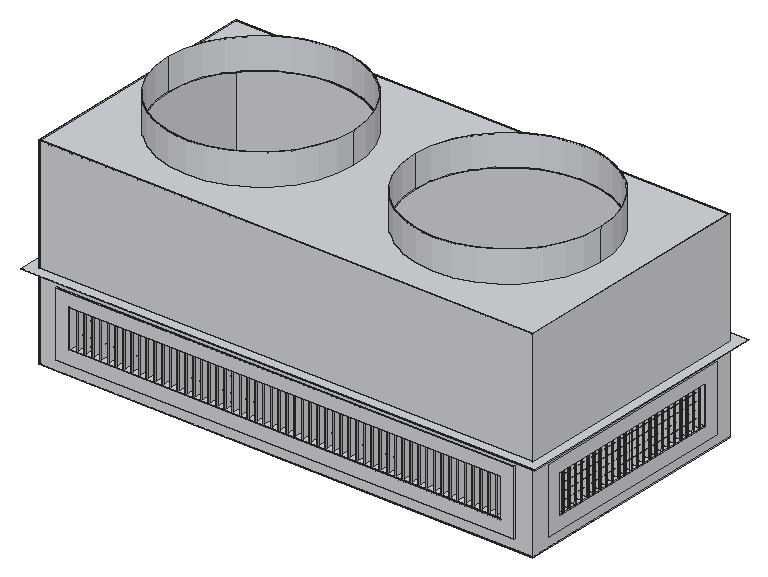
Revit family "model CO-20 diffuser", category Mechanical Equipment, Revit 2015
Parameters
  height [instance] = 1' - 7 3/8"
  Width = 1' - 11 3/4"
  Length = 3' - 11 3/4"
Reference planes (in)
  plane 1 "Center (Front/Back)": y = 0
  plane 2: z = 0
  plane 3 "Center (Left/Right)": x = 0
  plane 4: y = 11.875
  plane 5: y = -11.875
  plane 6: x = -23.875
  plane 7: x = 23.875
  plane 8: z = -9.6875
  plane 9: z = 9.6875
  plane 10: x = -23.8272
  plane 11: y = -11.8272
  plane 12: x = 23.8272
  plane 13: y = 11.8272
  plane 14: z = 9.6397
  plane 15: z = -1.3125
  plane 16: x = -24.875
  plane 17: y = -12.875
  plane 18: x = 24.875
  plane 19: y = 12.875
  plane 20: z = -1.3603
  plane 21: z = -9.6397
  plane 22: x = -11.9375
  plane 23: x = 11.9375
  plane 24: z = 12.6875
  plane 25: y = 9
  plane 26: y = -9
  plane 27: z = -3.50092
  plane 28: z = -7.50092
  plane 29: x = -21
  plane 30: x = 21
  plane 31: x = -16.5
  plane 32: x = 16.5
  plane 33: y = 4.5
  plane 34: y = -4.5
Forms (in)
  Extrusion 1, solid
    sketch origin (0, 0, 0) x (1, 0, 0) y (0, 1, 0)
      loop
        line (-23.875, 11.875) -> (-23.875, -11.875) -> (23.875, -11.875) -> (23.875, 11.875) -> (-23.875, 11.875)
    from 9.6875 to 9.6397
  Extrusion 2, solid
    sketch origin (0, 0, 0) x (1, 0, 0) y (0, 1, 0)
      loop
        line (-23.875, 11.875) -> (-23.875, -11.875) -> (23.875, -11.875) -> (23.875, 11.875) -> (-23.875, 11.875)
      loop
        line (-23.8272, 11.8272) -> (-23.8272, -11.8272) -> (23.8272, -11.8272) -> (23.8272, 11.8272) -> (-23.8272, 11.8272)
    from 9.6875 to -9.6875
  Extrusion 3, solid
    sketch origin (0, 0, 0) x (1, 0, 0) y (0, 1, 0)
      loop
        line (-24.875, 12.875) -> (-24.875, -12.875) -> (24.875, -12.875) -> (24.875, 12.875) -> (-24.875, 12.875)
      loop
        line (23.875, -11.875) -> (23.875, 11.875) -> (-23.875, 11.875) -> (-23.875, -11.875) -> (23.875, -11.875)
    from -1.3125 to -1.3603
  Extrusion 4, solid
    sketch origin (0, 0, 0) x (1, 0, 0) y (0, 1, 0)
      loop
        line (-23.875, 11.875) -> (-23.875, -11.875) -> (23.875, -11.875) -> (23.875, 11.875) -> (-23.875, 11.875)
    from -9.6397 to -9.6875
  Extrusion 5, void
    sketch origin (0, 0, 0) x (0, 1, 0) y (0, 0, 1)
      loop
        line (9, -3.50092) -> (-9, -3.50092) -> (-9, -7.50093) -> (9, -7.50093) -> (9, -3.50092)
    from 28.68207 to -27.87379
  Extrusion 6, void
    sketch origin (0, 0, 0) x (1, 0, 0) y (0, 0, 1)
      loop
        line (-21, -3.50092) -> (-21, -7.50092) -> (21, -7.50092) -> (21, -3.50092) -> (-21, -3.50092)
    from 12 to -14.86527
  Extrusion 7, void
    sketch origin (0, 0, 0) x (1, 0, 0) y (0, 1, 0)
      loop
        line (-16.5, 4.5) -> (-16.5, -4.5) -> (16.5, -4.5) -> (16.5, 4.5) -> (-16.5, 4.5)
    from 0 to -12
  Extrusion 8, void
    sketch origin (0, 0, 0) x (1, 0, 0) y (0, 1, 0)
      loop
        circle (-11.9375, 0) r 9
    from 0 to 15
  Extrusion 9, void
    sketch origin (23.875, 0, 0) x (1, 0, 0) y (0, 1, 0)
      loop
        circle (-11.9375, 0) r 9
    from 0 to 15
  Extrusion 10, solid
    sketch origin (0, 0, 0) x (1, 0, 0) y (0, 1, 0)
      loop
        circle (-11.9375, 0) r 9
      loop
        circle (-11.9375, 0) r 9.0239
    from 9.6875 to 12.6875
  Extrusion 11, solid
    sketch origin (23.875, 0, 0) x (1, 0, 0) y (0, 1, 0)
      loop
        circle (-11.9375, 0) r 9
      loop
        circle (-11.9375, 0) r 9.0239
    from 9.6875 to 12.6875
Cuts and joins
  Extrusion 5, Extrusion 6 cuts Extrusion 2
  Extrusion 7 cuts Extrusion 4
  Extrusion 8, Extrusion 9 cuts Extrusion 1
Dimensions and locks (in)
  equal spacing: plane 6, plane 3 "Center (Left/Right)", plane 7
  "Length": plane 6 to plane 7
  equal spacing: plane 4, plane 1 "Center (Front/Back)", plane 5
  "Width": plane 4 to plane 5
  locked: plane 6 to plane 10 at 0.0478
  locked: plane 12 to plane 7 at 0.0478
  locked: plane 11 to plane 5 at 0.0478
  locked: plane 13 to plane 4 at 0.0478
  equal spacing: plane 9, level, plane 8
  "height": plane 9 to plane 8
  locked: plane 9 to plane 14 at 0.0478
  locked: plane 15 to plane 8 at 8.375
  locked: plane 5 to plane 17 at 1
  locked: plane 7 to plane 18 at 1
  locked: plane 19 to plane 4 at 1
  locked: plane 16 to plane 6 at 1
  locked: plane 15 to plane 20 at 0.0478
  locked: plane 21 to plane 8 at 0.0478
  locked: plane 22 to plane 3 "Center (Left/Right)" at 11.9375
  locked: plane 3 "Center (Left/Right)" to plane 23 at 11.9375
  locked: plane 24 to plane 9 at 3
  locked: plane 25 to plane 1 "Center (Front/Back)" at 9
  locked: plane 1 "Center (Front/Back)" to plane 26 at 9
  locked: plane 3 "Center (Left/Right)" to plane 29 at 21
  locked: plane 30 to plane 3 "Center (Left/Right)" at 21
  locked: plane 31 to plane 32 at 33
  locked: plane 33 to plane 34 at 9
  aligned and locked: level to plane 2
  aligned and locked: plane 4 to Extrusion 1
  aligned and locked: plane 6 to Extrusion 1
  aligned and locked: Extrusion 1 to plane 7
  aligned and locked: Extrusion 1 to plane 5
  aligned and locked: plane 9 to Extrusion 1
  aligned and locked: Extrusion 1 to plane 14
  aligned and locked: plane 9 to Extrusion 2
  aligned and locked: Extrusion 2 to plane 8
  aligned and locked: Extrusion 2 to plane 7
  aligned and locked: plane 4 to Extrusion 2
  aligned and locked: plane 13 to Extrusion 2
  aligned and locked: plane 12 to Extrusion 2
  aligned and locked: Extrusion 2 to plane 5
  aligned and locked: plane 6 to Extrusion 2
  aligned and locked: plane 10 to Extrusion 2
  aligned and locked: plane 11 to Extrusion 2
  aligned and locked: plane 15 to Extrusion 3
  aligned and locked: Extrusion 3 to plane 20
  aligned and locked: plane 21 to Extrusion 4
  aligned and locked: Extrusion 4 to plane 8
  aligned and locked: plane 6 to Extrusion 4
  aligned and locked: plane 4 to Extrusion 4
  aligned and locked: Extrusion 4 to plane 5
  aligned and locked: Extrusion 4 to plane 7
  aligned and locked: cut or joined group of Extrusion 4, Extrusion 7 to plane 31
  aligned and locked: plane 33 to cut or joined group of Extrusion 4, Extrusion 7
  aligned and locked: cut or joined group of Extrusion 4, Extrusion 7 to plane 34
  aligned and locked: plane 32 to cut or joined group of Extrusion 4, Extrusion 7
  aligned and locked: plane 26 to cut or joined group of Extrusion 2, Extrusion 5, Extrusion 6
  aligned and locked: cut or joined group of Extrusion 2, Extrusion 5, Extrusion 6 to plane 25
  aligned and locked: plane 27 to cut or joined group of Extrusion 2, Extrusion 5, Extrusion 6  (x2)
  aligned and locked: cut or joined group of Extrusion 2, Extrusion 5, Extrusion 6 to plane 28  (x2)
  aligned and locked: cut or joined group of Extrusion 2, Extrusion 5, Extrusion 6 to plane 29
  aligned and locked: plane 30 to cut or joined group of Extrusion 2, Extrusion 5, Extrusion 6
  aligned and locked: plane 3 "Center (Left/Right)" to nested 1
  aligned and locked: plane 27 to nested 1
  aligned and locked: plane 5 to nested 1
  aligned and locked: plane 28 to nested 1
  aligned and locked: nested 2 to plane 13
  aligned and locked: nested 2 to plane 27  (x2)
  aligned and locked: nested 2 to plane 28
  aligned and locked: nested 1 to cut or joined group of Extrusion 2, Extrusion 5, Extrusion 6
  aligned and locked: plane 30 to nested 1
  aligned and locked: nested 1 to plane 28
  aligned and locked: nested 2 to plane 30
  aligned and locked: nested 3 to plane 1 "Center (Front/Back)"
  aligned and locked: nested 3 to plane 25  (x2)
  aligned and locked: plane 26 to nested 3  (x2)
  aligned and locked: plane 7 to nested 3
  aligned and locked: nested 3 to plane 28
  aligned and locked: plane 27 to nested 3
  aligned and locked: plane 25 to nested 4  (x2)
  aligned and locked: nested 4 to plane 26  (x2)
  aligned and locked: plane 6 to nested 4
  aligned and locked: nested 4 to plane 27
  aligned and locked: nested 4 to plane 28
  aligned and locked: plane 33 to nested 5
  aligned and locked: nested 5 to plane 34  (x2)
  aligned and locked: plane 32 to nested 5
  aligned and locked: nested 5 to plane 31
  aligned and locked: nested 5 to plane 33
  aligned and locked: plane 8 to nested 5
  aligned and locked: Extrusion 10 to plane 9
  aligned and locked: plane 24 to Extrusion 10
Automatic sketch dimensions
  Extrusion 1 sketch curve to plane 5 = 0' - 0"
  Extrusion 1 sketch curve to plane 6 = 0' - 0"
  Extrusion 1 sketch curve to plane 7 = 0' - 0"
  Extrusion 1 sketch curve to plane 4 = 0' - 0"
  Extrusion 2 sketch curve to plane 5 = 0' - 0"
  Extrusion 2 sketch curve to plane 6 = 0' - 0"
  Extrusion 2 sketch curve to plane 10 = 0' - 0"
  Extrusion 2 sketch curve to plane 12 = 0' - 0"
  Extrusion 2 sketch curve to plane 4 = 0' - 0"
  Extrusion 2 sketch curve to plane 7 = 0' - 0"
  Extrusion 2 sketch curve to plane 11 = 0' - 0"
  plane 13 to Extrusion 2 sketch curve = 0' - 0"
  Extrusion 3 sketch curve to plane 16 = 0' - 0"
  Extrusion 3 sketch curve to plane 4 = 0' - 0"
  Extrusion 3 sketch curve to plane 6 = 0' - 0"
  Extrusion 3 sketch curve to plane 7 = 0' - 0"
  Extrusion 3 sketch curve to plane 17 = 0' - 0"
  Extrusion 3 sketch curve to plane 18 = 0' - 0"
  Extrusion 3 sketch curve to plane 5 = 0' - 0"
  Extrusion 3 sketch curve to plane 19 = 0' - 0"
  Extrusion 4 sketch curve to plane 5 = 0' - 0"
  Extrusion 4 sketch curve to plane 6 = 0' - 0"
  Extrusion 4 sketch curve to plane 7 = 0' - 0"
  Extrusion 4 sketch curve to plane 4 = 0' - 0"
  Extrusion 5 sketch curve to plane 26 = 0' - 0"
  Extrusion 5 sketch curve to plane 25 = 0' - 0"
  Extrusion 5 sketch curve to plane 28 = 0' - 0"
  Extrusion 5 sketch curve to plane 27 = 0' - 0"
  Extrusion 6 sketch curve to plane 28 = 0' - 0"
  Extrusion 6 sketch curve to plane 29 = 0' - 0"
  Extrusion 6 sketch curve to plane 30 = 0' - 0"
  Extrusion 6 sketch curve to plane 27 = 0' - 0"
  Extrusion 7 sketch curve to plane 31 = 0' - 0"
  Extrusion 7 sketch curve to plane 32 = 0' - 0"
  Extrusion 7 sketch curve to plane 34 = 0' - 0"
  Extrusion 7 sketch curve to plane 33 = 0' - 0"
  plane 1 "Center (Front/Back)" to Extrusion 8 sketch curve = 0' - 0"
  Extrusion 8 sketch curve to plane 22 = 0' - 0"
  plane 1 "Center (Front/Back)" to Extrusion 9 sketch curve = 0' - 0"
  Extrusion 9 sketch curve to plane 23 = 0' - 0"
  Extrusion 10 sketch curve to Extrusion 10 sketch curve = 0' - 0"  (x2)
  plane 1 "Center (Front/Back)" to Extrusion 10 sketch curve = 0' - 0"
  Extrusion 10 sketch curve to plane 22 = 0' - 0"
  Extrusion 11 sketch curve to Extrusion 11 sketch curve = 0' - 0"  (x2)
  plane 1 "Center (Front/Back)" to Extrusion 11 sketch curve = 0' - 0"
  Extrusion 11 sketch curve to plane 23 = 0' - 0"
  radius of Extrusion 8 sketch curve = 0' - 9"
  radius of Extrusion 9 sketch curve = 0' - 9"
  radius of Extrusion 10 sketch curve = 0' - 9"
  radius of Extrusion 10 sketch curve = 0' - 9.0239"
  radius of Extrusion 11 sketch curve = 0' - 9"
  radius of Extrusion 11 sketch curve = 0' - 9.0239"
Nested families (in)
  nested 1: "Double Diffuser Grille" at (0, -10.25, -5.50093), type "Double Diffuser Grille"
    with Vert. Spacing 0' - 0 3/4", Vert. Number 28, Vert. Blade Height 0' - 3 5/8", Horiz. Spacing 0' - 0 3/4", Horiz. Number 3, Horiz. Blade Width 3' - 5 5/8"
  nested 2: "Double Diffuser Grille" at (0, 10.2022, -5.50093), type "Double Diffuser Grille"
    with Vert. Spacing 0' - 0 3/4", Vert. Number 28, Vert. Blade Height 0' - 3 5/8", Horiz. Spacing 0' - 0 3/4", Horiz. Number 3, Horiz. Blade Width 3' - 5 5/8"
  nested 3: "CO-12 short grille" at (22.25, 0, -5.50093) x (0, 1, 0) z (0, 0, 1), type "CO-12 short grille"
    with Vert. Spacing 0' - 0 3/4", Vert. Number 12, Vert. Blade Height 0' - 3 5/8", Horiz. Spacing 0' - 0 3/4", Horiz. Number 3, Horiz. Blade Width 1' - 5 5/8"
  nested 4: "CO-12 short grille" at (-22.25, 0, -5.50093) x (0, 1, 0) z (0, 0, 1), type "CO-12 short grille"
    with Vert. Spacing 0' - 0 3/4", Vert. Number 12, Vert. Blade Height 0' - 3 5/8", Horiz. Spacing 0' - 0 3/4", Horiz. Number 3, Horiz. Blade Width 1' - 5 5/8"
  nested 5: "egg crate grille 2" at (0, 0, -8.0625) x (1, 0, 0) z (0, -1, 0), type "egg crate grille 2"
    with Vert. Spacing 0' - 0 3/4", Vert. Number 32, Vert. Blade Height 0' - 8 5/8", Horiz. Spacing 0' - 0 3/4", Horiz. Number 8, Horiz. Blade Width 2' - 8 5/8"
Definition of nested family "Double Diffuser Grille"
  Parameters (values of type "Double Diffuser Grille")
    Vert. Spacing [instance] = 0' - 0 3/4"
    Vert. Number [instance] = ((Grille Width - 0' 0 1/4") / 0' 0 3/4") / 2  # 28
    Vert. Blade Height [instance] = Grille Height - 0' 0 3/8"  # 0' - 3 5/8"
    Horiz. Spacing [instance] = 0' - 0 3/4"
    Horiz. Number [instance] = ((Grille Height - 0' 0 1/4") / 0' 0 3/4") / 2  # 3
    Horiz. Blade Width [instance] = Grille Width - 0' 0 3/8"  # 3' - 5 5/8"
    Grille Width = 3' - 6"
    Grille Height = 0' - 4"
  Reference planes (in)
    plane 1 "Center (Front/Back)": y = 0
    plane 2: z = 0
    plane 3 "Center (Left/Right)": x = 0
    plane 4: y = -1.75
    plane 5: y = -1.625
    plane 6: x = -21
    plane 7: x = 21
    plane 8: z = -2
    plane 9: z = 2
    plane 10: x = -20.875
    plane 11: z = 1.875
    plane 12: z = -1.875
    plane 13: x = 20.875
    plane 14: x = 22.125
    plane 15: z = -3.125
    plane 16: z = 3.125
    plane 17: x = -22.125
    plane 18: y = -0.8125
  Forms (in)
    Extrusion 1, solid
      sketch origin (0, 0, 0) x (1, 0, 0) y (0, 0, 1)
        loop
          line (-21, -2) -> (21, -2) -> (21, 2) -> (-21, 2) -> (-21, -2)
        loop
          line (-20.875, -1.875) -> (20.875, -1.875) -> (20.875, 1.875) -> (-20.875, 1.875) -> (-20.875, -1.875)
      from 0 to 1.625
    Extrusion 2, solid
      sketch origin (0, 0, 0) x (1, 0, 0) y (0, 0, 1)
        loop
          line (-22.125, -3.125) -> (22.125, -3.125) -> (22.125, 3.125) -> (-22.125, 3.125) -> (-22.125, -3.125)
        loop
          line (-20.875, -1.875) -> (20.875, -1.875) -> (20.875, 1.875) -> (-20.875, 1.875) -> (-20.875, -1.875)
      from 1.625 to 1.75
  Dimensions and locks (in)
    locked: plane 5 to plane 4 at 0.125
    locked: plane 1 "Center (Front/Back)" to plane 5 at 1.625
    equal spacing: plane 9, level, plane 8
    "Grille Height": plane 9 to plane 8
    equal spacing: plane 6, plane 3 "Center (Left/Right)", plane 7
    "Grille Width": plane 6 to plane 7
    locked: plane 9 to plane 11 at 0.125
    locked: plane 12 to plane 8 at 0.125
    locked: plane 6 to plane 10 at 0.125
    locked: plane 7 to plane 13 at 0.125
    locked: plane 16 to plane 9 at 1.125
    locked: plane 8 to plane 15 at 1.125
    locked: plane 6 to plane 17 at 1.125
    locked: plane 14 to plane 7 at 1.125
    locked: plane 1 "Center (Front/Back)" to plane 18 at 0.8125
    equal spacing: group 1, group 2, group 4, group 5, group 6, group 7, group 8, group 9, group 10, group 11, group 12, group 13, group 29, group 30, group 31, group 32, group 33, group 34, group 35, group 36, group 37, group 38, group 39, group 40, group 41, group 42, group 43, group 44  (x3)
    "Vert. Spacing": nested 1 to nested 3
    equal spacing: group 60, group 59, group 58, group 57, group 56, group 55, group 54, group 53, group 52, group 51, group 50, group 49, group 48, group 47, group 46, group 45, group 23, group 22, group 21, group 20, group 19, group 18, group 17, group 16, group 15, group 14, group 3, group 1
    equal spacing: group 1, group 3, group 14, group 15, group 16, group 17, group 18, group 19, group 20, group 21, group 22, group 23, group 45, group 46, group 47, group 48, group 49, group 50, group 51, group 52, group 53, group 54, group 55, group 56, group 57, group 58, group 59, group 60  (x2)
    "Vert. Spacing": nested 4 to nested 1
    equal spacing: group 24, group 25, group 27  (x3)
    "Horiz. Spacing": nested 25 to nested 2
    equal spacing: group 24, group 26, group 28  (x2)
    equal spacing: group 28, group 26, group 24
    "Horiz. Spacing": nested 2 to nested 26
    aligned and locked: level to plane 2
    aligned and locked: plane 6 to Extrusion 1 sketch curve
    aligned and locked: plane 9 to Extrusion 1 sketch curve
    aligned and locked: Extrusion 1 sketch curve to plane 8
    aligned and locked: plane 7 to Extrusion 1 sketch curve
    aligned and locked: plane 13 to Extrusion 1 sketch curve
    aligned and locked: plane 12 to Extrusion 1 sketch curve
    aligned and locked: plane 10 to Extrusion 1 sketch curve
    aligned and locked: plane 11 to Extrusion 1 sketch curve
    aligned and locked: Extrusion 1 to plane 1 "Center (Front/Back)"
    aligned and locked: Extrusion 1 to plane 5
    aligned and locked: Extrusion 2 sketch curve to plane 17
    aligned and locked: Extrusion 2 sketch curve to plane 16
    aligned and locked: Extrusion 2 sketch curve to plane 14
    aligned and locked: plane 15 to Extrusion 2 sketch curve
    aligned and locked: plane 12 to Extrusion 2 sketch curve
    aligned and locked: plane 13 to Extrusion 2 sketch curve
    aligned and locked: plane 11 to Extrusion 2 sketch curve
    aligned and locked: plane 10 to Extrusion 2 sketch curve
    aligned and locked: plane 5 to Extrusion 2
    aligned and locked: Extrusion 2 to plane 4
    aligned and locked: nested 1 to plane 5
    aligned and locked: nested 1 to plane 3 "Center (Left/Right)"
    aligned and locked: nested 2 to plane 18
    aligned and locked: plane 3 "Center (Left/Right)" to nested 2
  Nested families (in)
    nested 1: "Vertical Blade" at (-0.08237, -1.625, 0), type "Vertical Blade"
      with H 0' - 3 5/8"
    nested 2: "Horizontal Blade" at (0, -0.8125, 0), type "Horizontal Blade"
      with L 3' - 5 5/8"
    nested 3: "Vertical Blade" at (0.66763, -1.625, 0), type "Vertical Blade"
      with H 0' - 3 5/8"
    nested 4: "Vertical Blade" at (-0.83237, -1.625, 0), type "Vertical Blade"
      with H 0' - 3 5/8"
    nested 5: "Vertical Blade" at (1.41763, -1.625, 0), type "Vertical Blade"
      with H 0' - 3 5/8"
    nested 6: "Vertical Blade" at (2.16763, -1.625, 0), type "Vertical Blade"
      with H 0' - 3 5/8"
    nested 7: "Vertical Blade" at (2.91763, -1.625, 0), type "Vertical Blade"
      with H 0' - 3 5/8"
    nested 8: "Vertical Blade" at (3.66763, -1.625, 0), type "Vertical Blade"
      with H 0' - 3 5/8"
    nested 9: "Vertical Blade" at (4.41763, -1.625, 0), type "Vertical Blade"
      with H 0' - 3 5/8"
    nested 10: "Vertical Blade" at (5.16763, -1.625, 0), type "Vertical Blade"
      with H 0' - 3 5/8"
    nested 11: "Vertical Blade" at (5.91763, -1.625, 0), type "Vertical Blade"
      with H 0' - 3 5/8"
    nested 12: "Vertical Blade" at (6.66763, -1.625, 0), type "Vertical Blade"
      with H 0' - 3 5/8"
    nested 13: "Vertical Blade" at (7.41763, -1.625, 0), type "Vertical Blade"
      with H 0' - 3 5/8"
    nested 14: "Vertical Blade" at (8.16763, -1.625, 0), type "Vertical Blade"
      with H 0' - 3 5/8"
    nested 15: "Vertical Blade" at (-1.58237, -1.625, 0), type "Vertical Blade"
      with H 0' - 3 5/8"
    nested 16: "Vertical Blade" at (-2.33237, -1.625, 0), type "Vertical Blade"
      with H 0' - 3 5/8"
    nested 17: "Vertical Blade" at (-3.08237, -1.625, 0), type "Vertical Blade"
      with H 0' - 3 5/8"
    nested 18: "Vertical Blade" at (-3.83237, -1.625, 0), type "Vertical Blade"
      with H 0' - 3 5/8"
    nested 19: "Vertical Blade" at (-4.58237, -1.625, 0), type "Vertical Blade"
      with H 0' - 3 5/8"
    nested 20: "Vertical Blade" at (-5.33237, -1.625, 0), type "Vertical Blade"
      with H 0' - 3 5/8"
    nested 21: "Vertical Blade" at (-6.08237, -1.625, 0), type "Vertical Blade"
      with H 0' - 3 5/8"
    nested 22: "Vertical Blade" at (-6.83237, -1.625, 0), type "Vertical Blade"
      with H 0' - 3 5/8"
    nested 23: "Vertical Blade" at (-7.58237, -1.625, 0), type "Vertical Blade"
      with H 0' - 3 5/8"
    nested 24: "Vertical Blade" at (-8.33237, -1.625, 0), type "Vertical Blade"
      with H 0' - 3 5/8"
    nested 25: "Horizontal Blade" at (0, -0.8125, 0.75), type "Horizontal Blade"
      with L 3' - 5 5/8"
    nested 26: "Horizontal Blade" at (0, -0.8125, -0.75), type "Horizontal Blade"
      with L 3' - 5 5/8"
    nested 27: "Horizontal Blade" at (0, -0.8125, 1.5), type "Horizontal Blade"
      with L 3' - 5 5/8"
    nested 28: "Horizontal Blade" at (0, -0.8125, -1.5), type "Horizontal Blade"
      with L 3' - 5 5/8"
    nested 29: "Vertical Blade" at (8.91763, -1.625, 0), type "Vertical Blade"
      with H 0' - 3 5/8"
    nested 30: "Vertical Blade" at (9.66763, -1.625, 0), type "Vertical Blade"
      with H 0' - 3 5/8"
    nested 31: "Vertical Blade" at (10.41763, -1.625, 0), type "Vertical Blade"
      with H 0' - 3 5/8"
    nested 32: "Vertical Blade" at (11.16763, -1.625, 0), type "Vertical Blade"
      with H 0' - 3 5/8"
    nested 33: "Vertical Blade" at (11.91763, -1.625, 0), type "Vertical Blade"
      with H 0' - 3 5/8"
    nested 34: "Vertical Blade" at (12.66763, -1.625, 0), type "Vertical Blade"
      with H 0' - 3 5/8"
    nested 35: "Vertical Blade" at (13.41763, -1.625, 0), type "Vertical Blade"
      with H 0' - 3 5/8"
    nested 36: "Vertical Blade" at (14.16763, -1.625, 0), type "Vertical Blade"
      with H 0' - 3 5/8"
    nested 37: "Vertical Blade" at (14.91763, -1.625, 0), type "Vertical Blade"
      with H 0' - 3 5/8"
    nested 38: "Vertical Blade" at (15.66763, -1.625, 0), type "Vertical Blade"
      with H 0' - 3 5/8"
    nested 39: "Vertical Blade" at (16.41763, -1.625, 0), type "Vertical Blade"
      with H 0' - 3 5/8"
    nested 40: "Vertical Blade" at (17.16763, -1.625, 0), type "Vertical Blade"
      with H 0' - 3 5/8"
    nested 41: "Vertical Blade" at (17.91763, -1.625, 0), type "Vertical Blade"
      with H 0' - 3 5/8"
    nested 42: "Vertical Blade" at (18.66763, -1.625, 0), type "Vertical Blade"
      with H 0' - 3 5/8"
    nested 43: "Vertical Blade" at (19.41763, -1.625, 0), type "Vertical Blade"
      with H 0' - 3 5/8"
    nested 44: "Vertical Blade" at (20.16763, -1.625, 0), type "Vertical Blade"
      with H 0' - 3 5/8"
    nested 45: "Vertical Blade" at (-9.08237, -1.625, 0), type "Vertical Blade"
      with H 0' - 3 5/8"
    nested 46: "Vertical Blade" at (-9.83237, -1.625, 0), type "Vertical Blade"
      with H 0' - 3 5/8"
    nested 47: "Vertical Blade" at (-10.58237, -1.625, 0), type "Vertical Blade"
      with H 0' - 3 5/8"
    nested 48: "Vertical Blade" at (-11.33237, -1.625, 0), type "Vertical Blade"
      with H 0' - 3 5/8"
    nested 49: "Vertical Blade" at (-12.08237, -1.625, 0), type "Vertical Blade"
      with H 0' - 3 5/8"
    nested 50: "Vertical Blade" at (-12.83237, -1.625, 0), type "Vertical Blade"
      with H 0' - 3 5/8"
    nested 51: "Vertical Blade" at (-13.58237, -1.625, 0), type "Vertical Blade"
      with H 0' - 3 5/8"
    nested 52: "Vertical Blade" at (-14.33237, -1.625, 0), type "Vertical Blade"
      with H 0' - 3 5/8"
    nested 53: "Vertical Blade" at (-15.08237, -1.625, 0), type "Vertical Blade"
      with H 0' - 3 5/8"
    nested 54: "Vertical Blade" at (-15.83237, -1.625, 0), type "Vertical Blade"
      with H 0' - 3 5/8"
    nested 55: "Vertical Blade" at (-16.58237, -1.625, 0), type "Vertical Blade"
      with H 0' - 3 5/8"
    nested 56: "Vertical Blade" at (-17.33237, -1.625, 0), type "Vertical Blade"
      with H 0' - 3 5/8"
    nested 57: "Vertical Blade" at (-18.08237, -1.625, 0), type "Vertical Blade"
      with H 0' - 3 5/8"
    nested 58: "Vertical Blade" at (-18.83237, -1.625, 0), type "Vertical Blade"
      with H 0' - 3 5/8"
    nested 59: "Vertical Blade" at (-19.58237, -1.625, 0), type "Vertical Blade"
      with H 0' - 3 5/8"
    nested 60: "Vertical Blade" at (-20.33237, -1.625, 0), type "Vertical Blade"
      with H 0' - 3 5/8"
  Definition of nested family "Vertical Blade"
    Parameters (values of type "Vertical Blade")
      H = 2' - 0"
    Reference planes (in)
      plane 1 "Center (Front/Back)": y = 0
      plane 2: z = 0
      plane 3 "Center (Left/Right)": x = 0
      plane 4: z = 12
      plane 5: z = -12
    Forms (in)
      Extrusion 1, solid
        sketch origin (0, -0.05958, 0) x (1, 0, 0) y (0, 1, 0)
          loop
            arc (0.08237, 0.17216) -> (0.04492, 0.11716) -> (0.07825, 0.05958) r 0.0625
            line (0.07825, 0.05958) -> (0.1365, 0.05958)
            arc (0.1365, 0.05958) -> (0.16983, 0.11716) -> (0.13237, 0.17216) r 0.0625
            line (0.13237, 0.17216) -> (0.13237, 0.80238) -> (0.08237, 0.80238) -> (0.08237, 0.17216)
        from -12 to 12
    Dimensions and locks (in)
      equal spacing: plane 4, level, plane 5
      "H": plane 4 to plane 5
      aligned and locked: level to plane 2
      aligned and locked: plane 4 to Extrusion 1
      aligned and locked: Extrusion 1 to plane 5
    Automatic sketch dimensions
      Extrusion 1 sketch curve to Extrusion 1 sketch curve = 0' - 0"  (x2)
      plane 1 "Center (Front/Back)" to Extrusion 1 sketch curve = 0' - 0"
      plane 3 "Center (Left/Right)" to Extrusion 1 sketch curve = 0' - 0.07825"
      plane 3 "Center (Left/Right)" to Extrusion 1 sketch curve = 0' - 0.08237"
      Extrusion 1 sketch curve to Extrusion 1 sketch curve = 0' - 0.02912"
      Extrusion 1 sketch curve to Extrusion 1 sketch curve = 0' - 0.05"
      Extrusion 1 sketch curve to Extrusion 1 sketch curve = 0' - 0.05825"
      Extrusion 1 sketch curve to plane 1 "Center (Front/Back)" = 0' - 0.0553"
      Extrusion 1 sketch curve to Extrusion 1 sketch curve = 0' - 0.63022"
  Definition of nested family "Horizontal Blade"
    Parameters (values of type "Horizontal Blade")
      L = 3' - 0"
    Reference planes (in)
      plane 1 "Center (Front/Back)": y = 0
      plane 2: z = 0
      plane 3 "Center (Left/Right)": x = 0
      plane 4: x = -18
      plane 5: x = 18
    Forms (in)
      Extrusion 1, solid
        sketch origin (0.10737, -0.05958, -0.10737) x (0, 0, 1) y (0, 1, 0)
          loop
            arc (0.08237, 0.17216) -> (0.04492, 0.11716) -> (0.07825, 0.05958) r 0.0625
            line (0.07825, 0.05958) -> (0.1365, 0.05958)
            arc (0.1365, 0.05958) -> (0.16983, 0.11716) -> (0.13237, 0.17216) r 0.0625
            line (0.13237, 0.17216) -> (0.13237, 0.80238) -> (0.08237, 0.80238) -> (0.08237, 0.17216)
        from -17.89263 to 18.10737
    Dimensions and locks (in)
      equal spacing: plane 4, plane 3 "Center (Left/Right)", plane 5
      "L": plane 4 to plane 5
      aligned and locked: level to plane 2
      aligned and locked: plane 4 to Extrusion 1
      aligned and locked: plane 5 to Extrusion 1
    Automatic sketch dimensions
      Extrusion 1 sketch curve to Extrusion 1 sketch curve = 0' - 0"  (x2)
      Extrusion 1 sketch curve to plane 1 "Center (Front/Back)" = 0' - 0"
      Extrusion 1 sketch curve to level = 0' - 0"
      Extrusion 1 sketch curve to level = 0' - 0.025"
      Extrusion 1 sketch curve to level = 0' - 0.02912"
      level to Extrusion 1 sketch curve = 0' - 0.025"
      level to Extrusion 1 sketch curve = 0' - 0.02912"
      Extrusion 1 sketch curve to plane 1 "Center (Front/Back)" = 0' - 0.0553"
      Extrusion 1 sketch curve to Extrusion 1 sketch curve = 0' - 0.63022"
Definition of nested family "CO-12 short grille"
  Parameters (values of type "CO-12 short grille")
    Vert. Spacing [instance] = 0' - 0 3/4"
    Vert. Number [instance] = ((Grille Width - 0' 0 1/4") / 0' 0 3/4") / 2  # 12
    Vert. Blade Height [instance] = Grille Height - 0' 0 3/8"  # 0' - 3 5/8"
    Horiz. Spacing [instance] = 0' - 0 3/4"
    Horiz. Number [instance] = ((Grille Height - 0' 0 1/4") / 0' 0 3/4") / 2  # 3
    Horiz. Blade Width [instance] = Grille Width - 0' 0 3/8"  # 1' - 5 5/8"
    Grille Width = 1' - 6"
    Grille Height = 0' - 4"
  Reference planes (in)
    plane 1 "Center (Front/Back)": y = 0
    plane 2: z = 0
    plane 3 "Center (Left/Right)": x = 0
    plane 4: y = -1.75
    plane 5: y = -1.625
    plane 6: x = -9
    plane 7: x = 9
    plane 8: z = -2
    plane 9: z = 2
    plane 10: x = -8.875
    plane 11: z = 1.875
    plane 12: z = -1.875
    plane 13: x = 8.875
    plane 14: x = 10.125
    plane 15: z = -3.125
    plane 16: z = 3.125
    plane 17: x = -10.125
    plane 18: y = -0.8125
  Forms (in)
    Extrusion 1, solid
      sketch origin (0, 0, 0) x (1, 0, 0) y (0, 0, 1)
        loop
          line (-9, -2) -> (9, -2) -> (9, 2) -> (-9, 2) -> (-9, -2)
        loop
          line (-8.875, -1.875) -> (8.875, -1.875) -> (8.875, 1.875) -> (-8.875, 1.875) -> (-8.875, -1.875)
      from 0 to 1.625
    Extrusion 2, solid
      sketch origin (0, 0, 0) x (1, 0, 0) y (0, 0, 1)
        loop
          line (-10.125, -3.125) -> (10.125, -3.125) -> (10.125, 3.125) -> (-10.125, 3.125) -> (-10.125, -3.125)
        loop
          line (-8.875, -1.875) -> (8.875, -1.875) -> (8.875, 1.875) -> (-8.875, 1.875) -> (-8.875, -1.875)
      from 1.625 to 1.75
  Dimensions and locks (in)
    locked: plane 5 to plane 4 at 0.125
    locked: plane 1 "Center (Front/Back)" to plane 5 at 1.625
    equal spacing: plane 9, level, plane 8
    "Grille Height": plane 9 to plane 8
    equal spacing: plane 6, plane 3 "Center (Left/Right)", plane 7
    "Grille Width": plane 6 to plane 7
    locked: plane 9 to plane 11 at 0.125
    locked: plane 12 to plane 8 at 0.125
    locked: plane 6 to plane 10 at 0.125
    locked: plane 7 to plane 13 at 0.125
    locked: plane 16 to plane 9 at 1.125
    locked: plane 8 to plane 15 at 1.125
    locked: plane 6 to plane 17 at 1.125
    locked: plane 14 to plane 7 at 1.125
    locked: plane 1 "Center (Front/Back)" to plane 18 at 0.8125
    equal spacing: group 1, group 2, group 4, group 5, group 6, group 7, group 8, group 9, group 10, group 11, group 12, group 13  (x3)
    "Vert. Spacing": nested 1 to nested 3
    equal spacing: group 23, group 22, group 21, group 20, group 19, group 18, group 17, group 16, group 15, group 14, group 3, group 1
    equal spacing: group 1, group 3, group 14, group 15, group 16, group 17, group 18, group 19, group 20, group 21, group 22, group 23  (x2)
    "Vert. Spacing": nested 4 to nested 1
    equal spacing: group 24, group 25, group 27  (x3)
    "Horiz. Spacing": nested 25 to nested 2
    equal spacing: group 24, group 26, group 28  (x2)
    equal spacing: group 28, group 26, group 24
    "Horiz. Spacing": nested 2 to nested 26
    aligned and locked: level to plane 2
    aligned and locked: plane 6 to Extrusion 1 sketch curve
    aligned and locked: plane 9 to Extrusion 1 sketch curve
    aligned and locked: Extrusion 1 sketch curve to plane 8
    aligned and locked: plane 7 to Extrusion 1 sketch curve
    aligned and locked: plane 13 to Extrusion 1 sketch curve
    aligned and locked: plane 12 to Extrusion 1 sketch curve
    aligned and locked: plane 10 to Extrusion 1 sketch curve
    aligned and locked: plane 11 to Extrusion 1 sketch curve
    aligned and locked: Extrusion 1 to plane 1 "Center (Front/Back)"
    aligned and locked: Extrusion 1 to plane 5
    aligned and locked: Extrusion 2 sketch curve to plane 17
    aligned and locked: plane 16 to Extrusion 2 sketch curve
    aligned and locked: Extrusion 2 sketch curve to plane 14
    aligned and locked: plane 15 to Extrusion 2 sketch curve
    aligned and locked: plane 12 to Extrusion 2 sketch curve
    aligned and locked: plane 13 to Extrusion 2 sketch curve
    aligned and locked: plane 11 to Extrusion 2 sketch curve
    aligned and locked: plane 10 to Extrusion 2 sketch curve
    aligned and locked: plane 5 to Extrusion 2
    aligned and locked: Extrusion 2 to plane 4
    aligned and locked: nested 1 to plane 5
    aligned and locked: nested 1 to plane 3 "Center (Left/Right)"
    aligned and locked: nested 2 to plane 18
    aligned and locked: plane 3 "Center (Left/Right)" to nested 2
  Nested families (in)
    nested 1: "Vertical Blade" at (-0.08237, -1.625, 0), type "Vertical Blade"
      with H 0' - 3 5/8"
    nested 2: "Horizontal Blade" at (0, -0.8125, 0), type "Horizontal Blade"
      with L 1' - 5 5/8"
    nested 3: "Vertical Blade" at (0.66763, -1.625, 0), type "Vertical Blade"
      with H 0' - 3 5/8"
    nested 4: "Vertical Blade" at (-0.83237, -1.625, 0), type "Vertical Blade"
      with H 0' - 3 5/8"
    nested 5: "Vertical Blade" at (1.41763, -1.625, 0), type "Vertical Blade"
      with H 0' - 3 5/8"
    nested 6: "Vertical Blade" at (2.16763, -1.625, 0), type "Vertical Blade"
      with H 0' - 3 5/8"
    nested 7: "Vertical Blade" at (2.91763, -1.625, 0), type "Vertical Blade"
      with H 0' - 3 5/8"
    nested 8: "Vertical Blade" at (3.66763, -1.625, 0), type "Vertical Blade"
      with H 0' - 3 5/8"
    nested 9: "Vertical Blade" at (4.41763, -1.625, 0), type "Vertical Blade"
      with H 0' - 3 5/8"
    nested 10: "Vertical Blade" at (5.16763, -1.625, 0), type "Vertical Blade"
      with H 0' - 3 5/8"
    nested 11: "Vertical Blade" at (5.91763, -1.625, 0), type "Vertical Blade"
      with H 0' - 3 5/8"
    nested 12: "Vertical Blade" at (6.66763, -1.625, 0), type "Vertical Blade"
      with H 0' - 3 5/8"
    nested 13: "Vertical Blade" at (7.41763, -1.625, 0), type "Vertical Blade"
      with H 0' - 3 5/8"
    nested 14: "Vertical Blade" at (8.16763, -1.625, 0), type "Vertical Blade"
      with H 0' - 3 5/8"
    nested 15: "Vertical Blade" at (-1.58237, -1.625, 0), type "Vertical Blade"
      with H 0' - 3 5/8"
    nested 16: "Vertical Blade" at (-2.33237, -1.625, 0), type "Vertical Blade"
      with H 0' - 3 5/8"
    nested 17: "Vertical Blade" at (-3.08237, -1.625, 0), type "Vertical Blade"
      with H 0' - 3 5/8"
    nested 18: "Vertical Blade" at (-3.83237, -1.625, 0), type "Vertical Blade"
      with H 0' - 3 5/8"
    nested 19: "Vertical Blade" at (-4.58237, -1.625, 0), type "Vertical Blade"
      with H 0' - 3 5/8"
    nested 20: "Vertical Blade" at (-5.33237, -1.625, 0), type "Vertical Blade"
      with H 0' - 3 5/8"
    nested 21: "Vertical Blade" at (-6.08237, -1.625, 0), type "Vertical Blade"
      with H 0' - 3 5/8"
    nested 22: "Vertical Blade" at (-6.83237, -1.625, 0), type "Vertical Blade"
      with H 0' - 3 5/8"
    nested 23: "Vertical Blade" at (-7.58237, -1.625, 0), type "Vertical Blade"
      with H 0' - 3 5/8"
    nested 24: "Vertical Blade" at (-8.33237, -1.625, 0), type "Vertical Blade"
      with H 0' - 3 5/8"
    nested 25: "Horizontal Blade" at (0, -0.8125, 0.75), type "Horizontal Blade"
      with L 1' - 5 5/8"
    nested 26: "Horizontal Blade" at (0, -0.8125, -0.75), type "Horizontal Blade"
      with L 1' - 5 5/8"
    nested 27: "Horizontal Blade" at (0, -0.8125, 1.5), type "Horizontal Blade"
      with L 1' - 5 5/8"
    nested 28: "Horizontal Blade" at (0, -0.8125, -1.5), type "Horizontal Blade"
      with L 1' - 5 5/8"
  Definition of nested family "Vertical Blade"
    Parameters (values of type "Vertical Blade")
      H = 2' - 0"
    Reference planes (in)
      plane 1 "Center (Front/Back)": y = 0
      plane 2: z = 0
      plane 3 "Center (Left/Right)": x = 0
      plane 4: z = 12
      plane 5: z = -12
    Forms (in)
      Extrusion 1, solid
        sketch origin (0, -0.05958, 0) x (1, 0, 0) y (0, 1, 0)
          loop
            arc (0.08237, 0.17216) -> (0.04492, 0.11716) -> (0.07825, 0.05958) r 0.0625
            line (0.07825, 0.05958) -> (0.1365, 0.05958)
            arc (0.1365, 0.05958) -> (0.16983, 0.11716) -> (0.13237, 0.17216) r 0.0625
            line (0.13237, 0.17216) -> (0.13237, 0.80238) -> (0.08237, 0.80238) -> (0.08237, 0.17216)
        from -12 to 12
    Dimensions and locks (in)
      equal spacing: plane 4, level, plane 5
      "H": plane 4 to plane 5
      aligned and locked: level to plane 2
      aligned and locked: plane 4 to Extrusion 1
      aligned and locked: Extrusion 1 to plane 5
    Automatic sketch dimensions
      Extrusion 1 sketch curve to Extrusion 1 sketch curve = 0' - 0"  (x2)
      plane 1 "Center (Front/Back)" to Extrusion 1 sketch curve = 0' - 0"
      plane 3 "Center (Left/Right)" to Extrusion 1 sketch curve = 0' - 0.07825"
      plane 3 "Center (Left/Right)" to Extrusion 1 sketch curve = 0' - 0.08237"
      Extrusion 1 sketch curve to Extrusion 1 sketch curve = 0' - 0.02912"
      Extrusion 1 sketch curve to Extrusion 1 sketch curve = 0' - 0.05"
      Extrusion 1 sketch curve to Extrusion 1 sketch curve = 0' - 0.05825"
      Extrusion 1 sketch curve to plane 1 "Center (Front/Back)" = 0' - 0.0553"
      Extrusion 1 sketch curve to Extrusion 1 sketch curve = 0' - 0.63022"
  Definition of nested family "Horizontal Blade"
    Parameters (values of type "Horizontal Blade")
      L = 3' - 0"
    Reference planes (in)
      plane 1 "Center (Front/Back)": y = 0
      plane 2: z = 0
      plane 3 "Center (Left/Right)": x = 0
      plane 4: x = -18
      plane 5: x = 18
    Forms (in)
      Extrusion 1, solid
        sketch origin (0.10737, -0.05958, -0.10737) x (0, 0, 1) y (0, 1, 0)
          loop
            arc (0.08237, 0.17216) -> (0.04492, 0.11716) -> (0.07825, 0.05958) r 0.0625
            line (0.07825, 0.05958) -> (0.1365, 0.05958)
            arc (0.1365, 0.05958) -> (0.16983, 0.11716) -> (0.13237, 0.17216) r 0.0625
            line (0.13237, 0.17216) -> (0.13237, 0.80238) -> (0.08237, 0.80238) -> (0.08237, 0.17216)
        from -17.89263 to 18.10737
    Dimensions and locks (in)
      equal spacing: plane 4, plane 3 "Center (Left/Right)", plane 5
      "L": plane 4 to plane 5
      aligned and locked: level to plane 2
      aligned and locked: plane 4 to Extrusion 1
      aligned and locked: plane 5 to Extrusion 1
    Automatic sketch dimensions
      Extrusion 1 sketch curve to Extrusion 1 sketch curve = 0' - 0"  (x2)
      Extrusion 1 sketch curve to plane 1 "Center (Front/Back)" = 0' - 0"
      Extrusion 1 sketch curve to level = 0' - 0"
      Extrusion 1 sketch curve to level = 0' - 0.025"
      Extrusion 1 sketch curve to level = 0' - 0.02912"
      level to Extrusion 1 sketch curve = 0' - 0.025"
      level to Extrusion 1 sketch curve = 0' - 0.02912"
      Extrusion 1 sketch curve to plane 1 "Center (Front/Back)" = 0' - 0.0553"
      Extrusion 1 sketch curve to Extrusion 1 sketch curve = 0' - 0.63022"
Definition of nested family "egg crate grille 2"
  Parameters (values of type "egg crate grille 2")
    Vert. Spacing [instance] = 0' - 0 3/4"
    Vert. Number [instance] = ((Grille Width - 0' 0 11/16") / 0' 1")  # 32
    Vert. Blade Height [instance] = Grille Height - 0' 0 3/8"  # 0' - 8 5/8"
    Horiz. Spacing [instance] = 0' - 0 3/4"
    Horiz. Number [instance] = ((Grille Height - 0' 0 5/8") / 0' 1")  # 8
    Horiz. Blade Width [instance] = Grille Width - 0' 0 3/8"  # 2' - 8 5/8"
    Grille Width = 2' - 9"
    Grille Height = 0' - 9"
  Reference planes (in)
    plane 1 "Center (Front/Back)": y = 0
    plane 2: z = 0
    plane 3 "Center (Left/Right)": x = 0
    plane 4: y = -1.75
    plane 5: y = -1.625
    plane 6: x = -16.5
    plane 7: x = 16.5
    plane 8: z = -4.5
    plane 9: z = 4.5
    plane 10: x = -16.375
    plane 11: z = 4.375
    plane 12: z = -4.375
    plane 13: x = 16.375
    plane 14: x = 17.625
    plane 15: z = -5.625
    plane 16: z = 5.625
    plane 17: x = -17.625
    plane 18: y = -0.625
    plane 19: x = -15.375
    plane 20: z = 3.375
    plane 21: x = -15.3125
  Forms (in)
    Extrusion 1, solid
      sketch origin (0, 0, 0) x (1, 0, 0) y (0, 0, 1)
        loop
          line (-16.5, -4.5) -> (16.5, -4.5) -> (16.5, 4.5) -> (-16.5, 4.5) -> (-16.5, -4.5)
        loop
          line (-16.375, -4.375) -> (16.375, -4.375) -> (16.375, 4.375) -> (-16.375, 4.375) -> (-16.375, -4.375)
      from 0 to 1.625
    Extrusion 2, solid
      sketch origin (0, 0, 0) x (1, 0, 0) y (0, 0, 1)
        loop
          line (-17.625, -5.625) -> (17.625, -5.625) -> (17.625, 5.625) -> (-17.625, 5.625) -> (-17.625, -5.625)
        loop
          line (-16.375, -4.375) -> (16.375, -4.375) -> (16.375, 4.375) -> (-16.375, 4.375) -> (-16.375, -4.375)
      from 1.625 to 1.75
    Extrusion 3, solid
      sketch origin (0, 0, 0) x (0, 1, 0) y (0, 0, 1)
        loop
          line (-1.625, 3.375) -> (-1.625, 3.3125) -> (-0.625, 3.3125) -> (-0.625, 3.375) -> (-1.625, 3.375)
      from -16.375 to 16.375
    Extrusion 4, solid
      sketch origin (0, 0, -1) x (0, 1, 0) y (0, 0, 1)
        loop
          line (-1.625, 3.375) -> (-1.625, 3.3125) -> (-0.625, 3.3125) -> (-0.625, 3.375) -> (-1.625, 3.375)
      from -16.375 to 16.375
    Extrusion 5, solid
      sketch origin (0, 0, -2) x (0, 1, 0) y (0, 0, 1)
        loop
          line (-1.625, 3.375) -> (-1.625, 3.3125) -> (-0.625, 3.3125) -> (-0.625, 3.375) -> (-1.625, 3.375)
      from -16.375 to 16.375
    Extrusion 6, solid
      sketch origin (0, 0, -3) x (0, 1, 0) y (0, 0, 1)
        loop
          line (-1.625, 3.375) -> (-1.625, 3.3125) -> (-0.625, 3.3125) -> (-0.625, 3.375) -> (-1.625, 3.375)
      from -16.375 to 16.375
    Extrusion 7, solid
      sketch origin (0, 0, -4) x (0, 1, 0) y (0, 0, 1)
        loop
          line (-1.625, 3.375) -> (-1.625, 3.3125) -> (-0.625, 3.3125) -> (-0.625, 3.375) -> (-1.625, 3.375)
      from -16.375 to 16.375
    Extrusion 8, solid
      sketch origin (0, 0, -5) x (0, 1, 0) y (0, 0, 1)
        loop
          line (-1.625, 3.375) -> (-1.625, 3.3125) -> (-0.625, 3.3125) -> (-0.625, 3.375) -> (-1.625, 3.375)
      from -16.375 to 16.375
    Extrusion 9, solid
      sketch origin (0, 0, -6) x (0, 1, 0) y (0, 0, 1)
        loop
          line (-1.625, 3.375) -> (-1.625, 3.3125) -> (-0.625, 3.3125) -> (-0.625, 3.375) -> (-1.625, 3.375)
      from -16.375 to 16.375
    Extrusion 10, solid
      sketch origin (0, 0, -7) x (0, 1, 0) y (0, 0, 1)
        loop
          line (-1.625, 3.375) -> (-1.625, 3.3125) -> (-0.625, 3.3125) -> (-0.625, 3.375) -> (-1.625, 3.375)
      from -16.375 to 16.375
    Extrusion 11, solid
      sketch origin (0, 0, 0) x (1, 0, 0) y (0, 1, 0)
        loop
          line (-15.375, -1.625) -> (-15.3125, -1.625) -> (-15.3125, -0.625) -> (-15.375, -0.625) -> (-15.375, -1.625)
      from -4.375 to 4.375
    Extrusion 12, solid
      sketch origin (1, 0, 0) x (1, 0, 0) y (0, 1, 0)
        loop
          line (-15.375, -1.625) -> (-15.3125, -1.625) -> (-15.3125, -0.625) -> (-15.375, -0.625) -> (-15.375, -1.625)
      from -4.375 to 4.375
    Extrusion 13, solid
      sketch origin (2, 0, 0) x (1, 0, 0) y (0, 1, 0)
        loop
          line (-15.375, -1.625) -> (-15.3125, -1.625) -> (-15.3125, -0.625) -> (-15.375, -0.625) -> (-15.375, -1.625)
      from -4.375 to 4.375
    Extrusion 14, solid
      sketch origin (3, 0, 0) x (1, 0, 0) y (0, 1, 0)
        loop
          line (-15.375, -1.625) -> (-15.3125, -1.625) -> (-15.3125, -0.625) -> (-15.375, -0.625) -> (-15.375, -1.625)
      from -4.375 to 4.375
    Extrusion 15, solid
      sketch origin (4, 0, 0) x (1, 0, 0) y (0, 1, 0)
        loop
          line (-15.375, -1.625) -> (-15.3125, -1.625) -> (-15.3125, -0.625) -> (-15.375, -0.625) -> (-15.375, -1.625)
      from -4.375 to 4.375
    Extrusion 16, solid
      sketch origin (5, 0, 0) x (1, 0, 0) y (0, 1, 0)
        loop
          line (-15.375, -1.625) -> (-15.3125, -1.625) -> (-15.3125, -0.625) -> (-15.375, -0.625) -> (-15.375, -1.625)
      from -4.375 to 4.375
    Extrusion 17, solid
      sketch origin (6, 0, 0) x (1, 0, 0) y (0, 1, 0)
        loop
          line (-15.375, -1.625) -> (-15.3125, -1.625) -> (-15.3125, -0.625) -> (-15.375, -0.625) -> (-15.375, -1.625)
      from -4.375 to 4.375
    Extrusion 18, solid
      sketch origin (7, 0, 0) x (1, 0, 0) y (0, 1, 0)
        loop
          line (-15.375, -1.625) -> (-15.3125, -1.625) -> (-15.3125, -0.625) -> (-15.375, -0.625) -> (-15.375, -1.625)
      from -4.375 to 4.375
    Extrusion 19, solid
      sketch origin (8, 0, 0) x (1, 0, 0) y (0, 1, 0)
        loop
          line (-15.375, -1.625) -> (-15.3125, -1.625) -> (-15.3125, -0.625) -> (-15.375, -0.625) -> (-15.375, -1.625)
      from -4.375 to 4.375
    Extrusion 20, solid
      sketch origin (9, 0, 0) x (1, 0, 0) y (0, 1, 0)
        loop
          line (-15.375, -1.625) -> (-15.3125, -1.625) -> (-15.3125, -0.625) -> (-15.375, -0.625) -> (-15.375, -1.625)
      from -4.375 to 4.375
    Extrusion 21, solid
      sketch origin (10, 0, 0) x (1, 0, 0) y (0, 1, 0)
        loop
          line (-15.375, -1.625) -> (-15.3125, -1.625) -> (-15.3125, -0.625) -> (-15.375, -0.625) -> (-15.375, -1.625)
      from -4.375 to 4.375
    Extrusion 22, solid
      sketch origin (11, 0, 0) x (1, 0, 0) y (0, 1, 0)
        loop
          line (-15.375, -1.625) -> (-15.3125, -1.625) -> (-15.3125, -0.625) -> (-15.375, -0.625) -> (-15.375, -1.625)
      from -4.375 to 4.375
    Extrusion 23, solid
      sketch origin (12, 0, 0) x (1, 0, 0) y (0, 1, 0)
        loop
          line (-15.375, -1.625) -> (-15.3125, -1.625) -> (-15.3125, -0.625) -> (-15.375, -0.625) -> (-15.375, -1.625)
      from -4.375 to 4.375
    Extrusion 24, solid
      sketch origin (13, 0, 0) x (1, 0, 0) y (0, 1, 0)
        loop
          line (-15.375, -1.625) -> (-15.3125, -1.625) -> (-15.3125, -0.625) -> (-15.375, -0.625) -> (-15.375, -1.625)
      from -4.375 to 4.375
    Extrusion 25, solid
      sketch origin (14, 0, 0) x (1, 0, 0) y (0, 1, 0)
        loop
          line (-15.375, -1.625) -> (-15.3125, -1.625) -> (-15.3125, -0.625) -> (-15.375, -0.625) -> (-15.375, -1.625)
      from -4.375 to 4.375
    Extrusion 26, solid
      sketch origin (15, 0, 0) x (1, 0, 0) y (0, 1, 0)
        loop
          line (-15.375, -1.625) -> (-15.3125, -1.625) -> (-15.3125, -0.625) -> (-15.375, -0.625) -> (-15.375, -1.625)
      from -4.375 to 4.375
    Extrusion 27, solid
      sketch origin (16, 0, 0) x (1, 0, 0) y (0, 1, 0)
        loop
          line (-15.375, -1.625) -> (-15.3125, -1.625) -> (-15.3125, -0.625) -> (-15.375, -0.625) -> (-15.375, -1.625)
      from -4.375 to 4.375
    Extrusion 28, solid
      sketch origin (17, 0, 0) x (1, 0, 0) y (0, 1, 0)
        loop
          line (-15.375, -1.625) -> (-15.3125, -1.625) -> (-15.3125, -0.625) -> (-15.375, -0.625) -> (-15.375, -1.625)
      from -4.375 to 4.375
    Extrusion 29, solid
      sketch origin (18, 0, 0) x (1, 0, 0) y (0, 1, 0)
        loop
          line (-15.375, -1.625) -> (-15.3125, -1.625) -> (-15.3125, -0.625) -> (-15.375, -0.625) -> (-15.375, -1.625)
      from -4.375 to 4.375
    Extrusion 30, solid
      sketch origin (19, 0, 0) x (1, 0, 0) y (0, 1, 0)
        loop
          line (-15.375, -1.625) -> (-15.3125, -1.625) -> (-15.3125, -0.625) -> (-15.375, -0.625) -> (-15.375, -1.625)
      from -4.375 to 4.375
    Extrusion 31, solid
      sketch origin (20, 0, 0) x (1, 0, 0) y (0, 1, 0)
        loop
          line (-15.375, -1.625) -> (-15.3125, -1.625) -> (-15.3125, -0.625) -> (-15.375, -0.625) -> (-15.375, -1.625)
      from -4.375 to 4.375
    Extrusion 32, solid
      sketch origin (21, 0, 0) x (1, 0, 0) y (0, 1, 0)
        loop
          line (-15.375, -1.625) -> (-15.3125, -1.625) -> (-15.3125, -0.625) -> (-15.375, -0.625) -> (-15.375, -1.625)
      from -4.375 to 4.375
    Extrusion 33, solid
      sketch origin (22, 0, 0) x (1, 0, 0) y (0, 1, 0)
        loop
          line (-15.375, -1.625) -> (-15.3125, -1.625) -> (-15.3125, -0.625) -> (-15.375, -0.625) -> (-15.375, -1.625)
      from -4.375 to 4.375
    Extrusion 34, solid
      sketch origin (23, 0, 0) x (1, 0, 0) y (0, 1, 0)
        loop
          line (-15.375, -1.625) -> (-15.3125, -1.625) -> (-15.3125, -0.625) -> (-15.375, -0.625) -> (-15.375, -1.625)
      from -4.375 to 4.375
    Extrusion 35, solid
      sketch origin (24, 0, 0) x (1, 0, 0) y (0, 1, 0)
        loop
          line (-15.375, -1.625) -> (-15.3125, -1.625) -> (-15.3125, -0.625) -> (-15.375, -0.625) -> (-15.375, -1.625)
      from -4.375 to 4.375
    Extrusion 36, solid
      sketch origin (25, 0, 0) x (1, 0, 0) y (0, 1, 0)
        loop
          line (-15.375, -1.625) -> (-15.3125, -1.625) -> (-15.3125, -0.625) -> (-15.375, -0.625) -> (-15.375, -1.625)
      from -4.375 to 4.375
    Extrusion 37, solid
      sketch origin (26, 0, 0) x (1, 0, 0) y (0, 1, 0)
        loop
          line (-15.375, -1.625) -> (-15.3125, -1.625) -> (-15.3125, -0.625) -> (-15.375, -0.625) -> (-15.375, -1.625)
      from -4.375 to 4.375
    Extrusion 38, solid
      sketch origin (27, 0, 0) x (1, 0, 0) y (0, 1, 0)
        loop
          line (-15.375, -1.625) -> (-15.3125, -1.625) -> (-15.3125, -0.625) -> (-15.375, -0.625) -> (-15.375, -1.625)
      from -4.375 to 4.375
    Extrusion 39, solid
      sketch origin (28, 0, 0) x (1, 0, 0) y (0, 1, 0)
        loop
          line (-15.375, -1.625) -> (-15.3125, -1.625) -> (-15.3125, -0.625) -> (-15.375, -0.625) -> (-15.375, -1.625)
      from -4.375 to 4.375
    Extrusion 40, solid
      sketch origin (29, 0, 0) x (1, 0, 0) y (0, 1, 0)
        loop
          line (-15.375, -1.625) -> (-15.3125, -1.625) -> (-15.3125, -0.625) -> (-15.375, -0.625) -> (-15.375, -1.625)
      from -4.375 to 4.375
    Extrusion 41, solid
      sketch origin (30, 0, 0) x (1, 0, 0) y (0, 1, 0)
        loop
          line (-15.375, -1.625) -> (-15.3125, -1.625) -> (-15.3125, -0.625) -> (-15.375, -0.625) -> (-15.375, -1.625)
      from -4.375 to 4.375
    Extrusion 42, solid
      sketch origin (31, 0, 0) x (1, 0, 0) y (0, 1, 0)
        loop
          line (-15.375, -1.625) -> (-15.3125, -1.625) -> (-15.3125, -0.625) -> (-15.375, -0.625) -> (-15.375, -1.625)
      from -4.375 to 4.375
  Dimensions and locks (in)
    locked: plane 5 to plane 4 at 0.125
    locked: plane 1 "Center (Front/Back)" to plane 5 at 1.625
    equal spacing: plane 9, level, plane 8
    "Grille Height": plane 9 to plane 8
    equal spacing: plane 6, plane 3 "Center (Left/Right)", plane 7
    "Grille Width": plane 6 to plane 7
    locked: plane 9 to plane 11 at 0.125
    locked: plane 12 to plane 8 at 0.125
    locked: plane 6 to plane 10 at 0.125
    locked: plane 7 to plane 13 at 0.125
    locked: plane 16 to plane 9 at 1.125
    locked: plane 8 to plane 15 at 1.125
    locked: plane 6 to plane 17 at 1.125
    locked: plane 14 to plane 7 at 1.125
    locked: plane 10 to plane 19 at 1
    locked: plane 18 to plane 5 at 1
    locked: plane 11 to plane 20 at 1
    equal spacing: group 1, group 2, group 3, group 4, group 5, group 6, group 7, group 8  (x2)
    equal spacing: group 8, group 7, group 6, group 5, group 4, group 3, group 2, group 1
    locked: Extrusion 3 to Extrusion 4 at 1
    equal spacing: group 9, group 10, group 11, group 12, group 13, group 14, group 15, group 16, group 17, group 18, group 19, group 20, group 21, group 22, group 23, group 24, group 25, group 26, group 27, group 28, group 29, group 30, group 31, group 32, group 33, group 34, group 35, group 36, group 37, group 38, group 39, group 40  (x3)
    locked: Extrusion 12 to Extrusion 11 at 1
    aligned and locked: level to plane 2
    aligned and locked: plane 6 to Extrusion 1 sketch curve
    aligned and locked: plane 9 to Extrusion 1 sketch curve
    aligned and locked: Extrusion 1 sketch curve to plane 8
    aligned and locked: plane 7 to Extrusion 1 sketch curve
    aligned and locked: plane 13 to Extrusion 1 sketch curve
    aligned and locked: plane 12 to Extrusion 1 sketch curve
    aligned and locked: plane 10 to Extrusion 1 sketch curve
    aligned and locked: plane 11 to Extrusion 1 sketch curve
    aligned and locked: Extrusion 1 to plane 1 "Center (Front/Back)"
    aligned and locked: Extrusion 1 to plane 5
    aligned and locked: Extrusion 2 sketch curve to plane 17
    aligned and locked: Extrusion 2 sketch curve to plane 16
    aligned and locked: Extrusion 2 sketch curve to plane 14
    aligned and locked: plane 15 to Extrusion 2 sketch curve
    aligned and locked: plane 12 to Extrusion 2 sketch curve
    aligned and locked: plane 13 to Extrusion 2 sketch curve
    aligned and locked: plane 11 to Extrusion 2 sketch curve
    aligned and locked: plane 10 to Extrusion 2 sketch curve
    aligned and locked: plane 5 to Extrusion 2
    aligned and locked: Extrusion 2 to plane 4
    aligned and locked: plane 18 to Extrusion 3
    aligned and locked: plane 20 to Extrusion 3
    aligned and locked: Extrusion 3 to plane 5
    aligned and locked: Extrusion 3 to plane 20
    aligned and locked: plane 13 to Extrusion 3
    aligned and locked: plane 10 to Extrusion 3
    aligned and locked: plane 10 to Extrusion 10
    aligned and locked: plane 10 to Extrusion 9
    aligned and locked: plane 10 to Extrusion 8
    aligned and locked: plane 10 to Extrusion 7
    aligned and locked: plane 18 to Extrusion 11
    aligned and locked: plane 12 to Extrusion 11
    aligned and locked: plane 11 to Extrusion 11
  Automatic sketch dimensions
    Extrusion 3 sketch curve to Extrusion 3 sketch curve = 0' - 0 1/16"
    Extrusion 3 sketch curve to Extrusion 3 sketch curve = 0' - 1"
    Extrusion 4 sketch curve to Extrusion 4 sketch curve = 0' - 0 1/16"
    Extrusion 4 sketch curve to Extrusion 4 sketch curve = 0' - 1"
    Extrusion 5 sketch curve to Extrusion 5 sketch curve = 0' - 0 1/16"
    Extrusion 5 sketch curve to Extrusion 5 sketch curve = 0' - 1"
    Extrusion 6 sketch curve to Extrusion 6 sketch curve = 0' - 0 1/16"
    Extrusion 6 sketch curve to Extrusion 6 sketch curve = 0' - 1"
    Extrusion 7 sketch curve to Extrusion 7 sketch curve = 0' - 0 1/16"
    Extrusion 7 sketch curve to Extrusion 7 sketch curve = 0' - 1"
    Extrusion 8 sketch curve to Extrusion 8 sketch curve = 0' - 0 1/16"
    Extrusion 8 sketch curve to Extrusion 8 sketch curve = 0' - 1"
    Extrusion 9 sketch curve to Extrusion 9 sketch curve = 0' - 0 1/16"
    Extrusion 9 sketch curve to Extrusion 9 sketch curve = 0' - 1"
    Extrusion 10 sketch curve to Extrusion 10 sketch curve = 0' - 0 1/16"
    Extrusion 10 sketch curve to Extrusion 10 sketch curve = 0' - 1"
    Extrusion 11 sketch curve to Extrusion 11 sketch curve = 0' - 0 1/16"
    Extrusion 11 sketch curve to Extrusion 11 sketch curve = 0' - 1"
    Extrusion 12 sketch curve to Extrusion 12 sketch curve = 0' - 0 1/16"
    Extrusion 12 sketch curve to Extrusion 12 sketch curve = 0' - 1"
    Extrusion 13 sketch curve to Extrusion 13 sketch curve = 0' - 0 1/16"
    Extrusion 13 sketch curve to Extrusion 13 sketch curve = 0' - 1"
    Extrusion 14 sketch curve to Extrusion 14 sketch curve = 0' - 0 1/16"
    Extrusion 14 sketch curve to Extrusion 14 sketch curve = 0' - 1"
    Extrusion 15 sketch curve to Extrusion 15 sketch curve = 0' - 0 1/16"
    Extrusion 15 sketch curve to Extrusion 15 sketch curve = 0' - 1"
    Extrusion 16 sketch curve to Extrusion 16 sketch curve = 0' - 0 1/16"
    Extrusion 16 sketch curve to Extrusion 16 sketch curve = 0' - 1"
    Extrusion 17 sketch curve to Extrusion 17 sketch curve = 0' - 0 1/16"
    Extrusion 17 sketch curve to Extrusion 17 sketch curve = 0' - 1"
    Extrusion 18 sketch curve to Extrusion 18 sketch curve = 0' - 0 1/16"
    Extrusion 18 sketch curve to Extrusion 18 sketch curve = 0' - 1"
    Extrusion 19 sketch curve to Extrusion 19 sketch curve = 0' - 0 1/16"
    Extrusion 19 sketch curve to Extrusion 19 sketch curve = 0' - 1"
    Extrusion 20 sketch curve to Extrusion 20 sketch curve = 0' - 0 1/16"
    Extrusion 20 sketch curve to Extrusion 20 sketch curve = 0' - 1"
    Extrusion 21 sketch curve to Extrusion 21 sketch curve = 0' - 0 1/16"
    Extrusion 21 sketch curve to Extrusion 21 sketch curve = 0' - 1"
    Extrusion 22 sketch curve to Extrusion 22 sketch curve = 0' - 0 1/16"
    Extrusion 22 sketch curve to Extrusion 22 sketch curve = 0' - 1"
    Extrusion 23 sketch curve to Extrusion 23 sketch curve = 0' - 0 1/16"
    Extrusion 23 sketch curve to Extrusion 23 sketch curve = 0' - 1"
    Extrusion 24 sketch curve to Extrusion 24 sketch curve = 0' - 0 1/16"
    Extrusion 24 sketch curve to Extrusion 24 sketch curve = 0' - 1"
    Extrusion 25 sketch curve to Extrusion 25 sketch curve = 0' - 0 1/16"
    Extrusion 25 sketch curve to Extrusion 25 sketch curve = 0' - 1"
    Extrusion 26 sketch curve to Extrusion 26 sketch curve = 0' - 0 1/16"
    Extrusion 26 sketch curve to Extrusion 26 sketch curve = 0' - 1"
    Extrusion 27 sketch curve to Extrusion 27 sketch curve = 0' - 0 1/16"
    Extrusion 27 sketch curve to Extrusion 27 sketch curve = 0' - 1"
    Extrusion 28 sketch curve to Extrusion 28 sketch curve = 0' - 0 1/16"
    Extrusion 28 sketch curve to Extrusion 28 sketch curve = 0' - 1"
    Extrusion 29 sketch curve to Extrusion 29 sketch curve = 0' - 0 1/16"
    Extrusion 29 sketch curve to Extrusion 29 sketch curve = 0' - 1"
    Extrusion 30 sketch curve to Extrusion 30 sketch curve = 0' - 0 1/16"
    Extrusion 30 sketch curve to Extrusion 30 sketch curve = 0' - 1"
    Extrusion 31 sketch curve to Extrusion 31 sketch curve = 0' - 0 1/16"
    Extrusion 31 sketch curve to Extrusion 31 sketch curve = 0' - 1"
    Extrusion 32 sketch curve to Extrusion 32 sketch curve = 0' - 0 1/16"
    Extrusion 32 sketch curve to Extrusion 32 sketch curve = 0' - 1"
    Extrusion 33 sketch curve to Extrusion 33 sketch curve = 0' - 0 1/16"
    Extrusion 33 sketch curve to Extrusion 33 sketch curve = 0' - 1"
    Extrusion 34 sketch curve to Extrusion 34 sketch curve = 0' - 0 1/16"
    Extrusion 34 sketch curve to Extrusion 34 sketch curve = 0' - 1"
    Extrusion 35 sketch curve to Extrusion 35 sketch curve = 0' - 0 1/16"
    Extrusion 35 sketch curve to Extrusion 35 sketch curve = 0' - 1"
    Extrusion 36 sketch curve to Extrusion 36 sketch curve = 0' - 0 1/16"
    Extrusion 36 sketch curve to Extrusion 36 sketch curve = 0' - 1"
    Extrusion 37 sketch curve to Extrusion 37 sketch curve = 0' - 0 1/16"
    Extrusion 37 sketch curve to Extrusion 37 sketch curve = 0' - 1"
    Extrusion 38 sketch curve to Extrusion 38 sketch curve = 0' - 0 1/16"
    Extrusion 38 sketch curve to Extrusion 38 sketch curve = 0' - 1"
    Extrusion 39 sketch curve to Extrusion 39 sketch curve = 0' - 0 1/16"
    Extrusion 39 sketch curve to Extrusion 39 sketch curve = 0' - 1"
    Extrusion 40 sketch curve to Extrusion 40 sketch curve = 0' - 0 1/16"
    Extrusion 40 sketch curve to Extrusion 40 sketch curve = 0' - 1"
    Extrusion 41 sketch curve to Extrusion 41 sketch curve = 0' - 0 1/16"
    Extrusion 41 sketch curve to Extrusion 41 sketch curve = 0' - 1"
    Extrusion 42 sketch curve to Extrusion 42 sketch curve = 0' - 0 1/16"
    Extrusion 42 sketch curve to Extrusion 42 sketch curve = 0' - 1"
